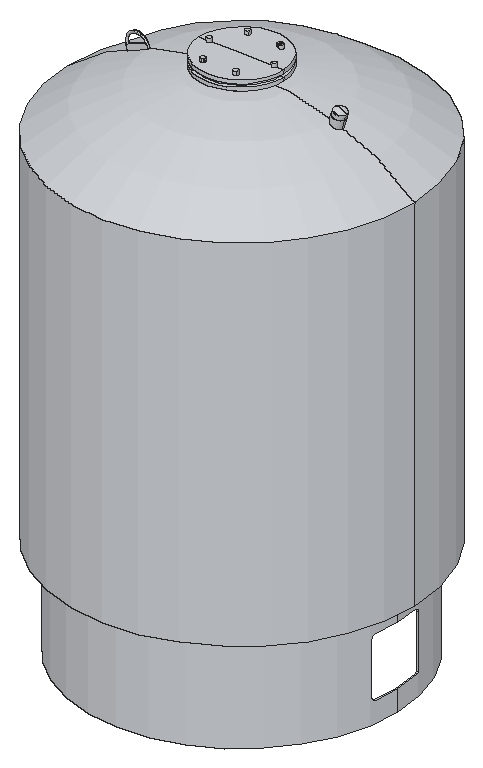
Revit family "FXA-3000S", category Mechanical Equipment, Revit 2014
Parameters (values of type "FXA-3000S")
  VoidLength = 7 1/2"
  URL = "http://westank.com/"
  TankVolume = "792 Gallons"
  SystemConnectionAngle = 50.00°
  PartNumber = "21013001"
  OuterRadius = 15"
  Model = "FXA-3000S"
  MaximumOperatingTemperature = "240°F"
  MaximumOperatingPressure = "125 PSIG"
  Manufacturer = "Wessels Company"
  InnerRadius = 14.766"
  InnerCircleDiameter = E - 3" / 4  # 53 1/4"
  HandleAngle = 120.00°
  G = 8 1/4"
  E = 54"
  F = 10"
  DrainAngle = 63.00°
  C = 4"
  BottomOfTheCylinder = 6.11811"
  B = 92.9979"
  ApproximateShipmentWeight = "2169 lbs"
  Angle = 35.00°
  A = 60"
Reference planes (in)
  plane 1 "Center (Front/Back)": y = 0
  plane 2: z = 0
  plane 3 "Center (Left/Right)": x = 0
  plane 4: x = -30
  plane 5: y = 1.9685
  plane 6: y = -1.9685
  plane 7: z = 92.9979
  plane 8: x = 30
  plane 9: y = 0.15626
  plane 10: y = -0.15626
  plane 11: x = 18
  plane 12: x = -27
  plane 13: x = 27
  plane 14: y = 0
  plane 15: y = 8.22887
  plane 16: y = -8.22887
  plane 17: through (0.00466, -180, 75.19677) normal (-0.9999, 0, -0.0139)
  plane 18: z = 77.96387
  plane 19: z = 129.36762
  plane 20: through (5.2036, -180, 8.83933) normal (-0.1726, 0, 0.985)
  plane 21: through (4.73728, -180, 11.50012) normal (-0.1726, 0, 0.985)
  plane 22: z = 78.46387
  plane 23: z = 77.46387
  plane 24: x = 10
  plane 25: x = 8
  plane 26: x = 12
  plane 27: z = 48.73058
  plane 28: z = 8.25
Forms (in)
  Revolve 1, solid
    sketch origin (0, 0, -5.12538) x (1, 0, 0) y (0, 0, 1)
      loop
        arc (0, 94.83772) -> (-15.93873, 92.85068) -> (-30, 85.08715) r 42.47522
        line (-30, 85.08715) -> (-30, 22.62372)
        arc (-30, 22.62372) -> (-15.24882, 18.62973) -> (0, 17.61844) r 77.23386
        line (0, 17.61844) -> (0, 94.83772)
      axis (0, 17.61844) -> (0, 94.83772)
    angle from 0 to 360
  Extrusion 2, solid
    sketch origin (0, 0, 0) x (1, 0, 0) y (0, 1, 0)
      loop
        circle (0, 0) r 27
      loop
        circle (0, 0) r 26.625
    from 19.49834 to 0
  Revolve 3, solid
    sketch origin (14.22965, 0, 75.45273) x (0.292372, 0, 0.956305) y (-0.956305, 0, 0.292372)
      loop
        line (12.0314, 1.37775) -> (12.0314, 0.28935) -> (13.5378, 0.28935) -> (13.5378, 0.32232) -> (14.34594, 0.32232)
        arc (14.34594, 0.32232) -> (14.69118, 0.79371) -> (14.70809, 1.37775) r 0.9835
        line (14.70809, 1.37775) -> (12.0314, 1.37775)
      axis (12.0314, 1.37775) -> (14.70809, 1.37775)
    angle from 0 to 360
  Sweep 4, solid
    path origin (-5.64469, 0, 74.39772) x (-0.34845, 0, 0.937327) y (-0.937327, 0, -0.34845)
      loop
        arc (16.79428, 8.71968) -> (18.54428, 6.96968) -> (16.79428, 5.21968) r 1.75
    profile origin (-18.63932, 0, 89.35119) x (-0.34845, 0, 0.937327) y (0, -1, 0)
      loop
        circle (0, 0) r 0.15625
  Extrusion 5, solid
    sketch origin (-3.94599, 0, 69.82825) x (-0.34845, 0, 0.937327) y (-0.937327, 0, -0.34845)
      loop
        line (21.66928, 8.87529) -> (20.69231, 8.87529) -> (20.69231, 5.06018) -> (21.66928, 5.06018) -> (21.66928, 8.87529)
    from 0.15626 to -0.15626
  Sweep 6, solid
    path origin (-12.625, 0, 54.83927) x (-1, 0, 0) y (0, 0, -1)
      loop
        arc (18.10198, 7.875) -> (19.85198, 6.125) -> (18.10198, 4.375) r 1.75
    profile origin (-32.47698, 0, 48.71427) x (-1, 0, 0) y (0, -1, 0)
      loop
        circle (0, 0) r 0.15625
  Extrusion 7, solid
    sketch origin (-7.75, 0, 54.83927) x (-1, 0, 0) y (0, 0, -1)
      loop
        line (22.97698, 8.03061) -> (22, 8.03061) -> (22, 4.2155) -> (22.97698, 4.2155) -> (22.97698, 8.03061)
    from 0.15626 to -0.15626
  Revolve 8, solid
    sketch origin (0.22045, 0, 73.50107) x (0, 0, 1) y (-1, 0, 0)
      loop
        line (19.03149, 0.22045) -> (15.29134, 0.22045) -> (15.29134, -4.1341)
        arc (15.29134, -4.1341) -> (16.27559, -3.90868) -> (17.25984, -4.1341) r 2.26145
        line (17.25984, -4.1341) -> (17.25984, -7.10972) -> (17.85039, -7.10972) -> (17.85039, -6.49344) -> (18.44094, -6.49344) -> (18.44094, -7.10972) -> (19.03149, -7.10972) -> (19.03149, 0.22045)
      axis (19.03149, 0.22045) -> (15.29134, 0.22045)
    angle from 0 to 360
  Extrusion 9, solid
    sketch origin (0, 0, 11.75) x (0, 1, 0) y (0, 0, 1)
      loop
        circle (0, 66.21387) r 0.5
    from -29.59938 to -31.48875
  Revolve 10, solid
    sketch origin (2.81354, 0, 22.27473) x (0.172627, 0, -0.984987) y (0.984987, 0, 0.172627)
      loop
        line (13.18144, 5.26166) -> (9.44128, 5.26166) -> (9.44128, 2.12786)
        arc (9.44128, 2.12786) -> (10.42553, 2.35329) -> (11.40978, 2.12786) r 2.26145
        line (11.40978, 2.12786) -> (11.40978, -0.47276) -> (12.00033, -0.47276) -> (12.00033, 0.14353) -> (12.59089, 0.14353) -> (12.59089, -0.47276) -> (13.18144, -0.47276) -> (13.18144, 5.26166)
      axis (9.44128, 5.26166) -> (13.18144, 5.26166)
    angle from 0 to 360
  Extrusion 11, solid
    sketch origin (9.76687, -2.56268, 10.23894) x (-0.984979, 0, -0.172675) y (-0.000004, 1, 0.000023)
      loop
        circle (-3.74768, 6.40672) r 0.3937
    from 0.59055 to -2.11745
  Extrusion 12, solid
    sketch origin (11.6639, -2.64003, 10.57118) x (-0.747584, -0.651106, -0.131069) y (-0.641335, 0.758987, -0.112375)
      loop
        circle (-3.74768, 6.40672) r 0.3937
    from 0.59055 to -2.11248
  Extrusion 13, solid
    sketch origin (13.15336, -1.44481, 10.83203) x (-0.149831, -0.988362, -0.026308) y (-0.973528, 0.152123, -0.170595)
      loop
        circle (-3.74768, 6.40672) r 0.3937
    from 0.59055 to -2.10562
  Extrusion 14, solid
    sketch origin (13.51803, 0.44684, 10.89537) x (0.520149, -0.849202, 0.091112) y (-0.836457, -0.528068, -0.146572)
      loop
        circle (-3.74768, 6.40672) r 0.3937
    from 0.59055 to -2.11832
  Extrusion 15, solid
    sketch origin (12.58095, 2.1231, 10.73114) x (0.939407, -0.300705, 0.16459) y (-0.296195, -0.953717, -0.051887)
      loop
        circle (-3.74768, 6.40672) r 0.3937
    from 0.59055 to -2.10775
  Extrusion 16, solid
    sketch origin (10.79468, 2.77597, 10.41801) x (0.905852, 0.392739, 0.158709) y (0.386839, -0.91965, 0.067821)
      loop
        circle (-3.74768, 6.40672) r 0.3937
    from 0.59055 to -2.10608
  Extrusion 17, solid
    sketch origin (9.02019, 2.09076, 10.10699) x (0.435656, 0.896873, 0.076304) y (0.883404, -0.442288, 0.154848)
      loop
        circle (-3.74768, 6.40672) r 0.3937
    from 0.59055 to -2.11652
  Extrusion 18, solid
    sketch origin (8.11183, 0.39774, 9.94923) x (-0.244533, 0.968691, -0.042905) y (0.954145, 0.248268, 0.167246)
      loop
        circle (-3.74768, 6.40672) r 0.3937
    from 0.59055 to -2.10776
  Extrusion 19, solid
    sketch origin (8.50909, -1.48699, 10.0187) x (-0.806847, 0.573576, -0.141456) y (0.564961, 0.819153, 0.099038)
      loop
        circle (-3.74768, 6.40672) r 0.3937
    from 0.59055 to -2.10712
  Extrusion 20, solid
    sketch origin (7.35796, 0, -9.14698) x (0, 1, 0) y (1, 0, 0)
      loop
        circle (0, 2.64204) r 2
    from -20.64698 to -17.39698
  Extrusion 21, void
    sketch origin (0, -0.25, 0) x (0, 1, 0) y (0, 0, 1)
      loop
        arc (-4.18426, 13.90648) -> (-4.64347, 13.6578) -> (-4.90626, 13.20651) r 0.9664
        line (-4.90626, 13.20651) -> (-4.90626, 4.47261)
        arc (-4.90626, 4.47261) -> (-4.66396, 3.83293) -> (-4.06716, 3.49864) r 1
        line (-4.06716, 3.49864) -> (5.2075, 3.49864)
        arc (5.2075, 3.49864) -> (5.36413, 3.56352) -> (5.42901, 3.72016) r 0.22151
        line (5.42901, 3.72016) -> (5.42901, 13.09929)
        arc (5.42901, 13.09929) -> (5.19259, 13.67006) -> (4.62183, 13.90648) r 0.80718
        line (4.62183, 13.90648) -> (-4.18426, 13.90648)
    from 28.68797 to 20.82767
  Extrusion 22, solid
    sketch origin (4.16405, -2.26258, 92.40726) x (0.104528, -0.994522, 0.000024) y (0.994522, 0.104528, -0.000007)
      loop
        circle (1.87424, -7.17371) r 0.3937
    from 0.59055 to -2.3622
  Extrusion 23, solid
    sketch origin (0.12176, -4.73773, 92.4073) x (-0.809016, -0.587786, 0.000015) y (0.587786, -0.809016, -0.000004)
      loop
        circle (1.87374, -7.17527) r 0.3937
    from 0.59055 to -2.3622
  Extrusion 24, solid
    sketch origin (-4.04016, -2.47798, 92.40953) x (-0.913546, 0.406735, 0.000072) y (-0.406735, -0.913546, -0.000022)
      loop
        circle (1.87285, -7.17801) r 0.3937
    from 0.59055 to -2.3622
  Extrusion 25, solid
    sketch origin (-4.21944, 2.1101, 92.41845) x (-0.10453, 0.99452, 0.001629) y (-0.994522, -0.10453, -0.000528)
      loop
        circle (1.8133, -7.36126) r 0.3937
    from 0.59055 to -2.3622
  Extrusion 26, solid
    sketch origin (-0.1199, 4.73834, 92.40738) x (0.809014, 0.587789, -0.000005) y (-0.587789, 0.809014, 0.000003)
      loop
        circle (1.8747, -7.17229) r 0.3937
    from 0.59055 to -2.3622
  Extrusion 27, solid
    sketch origin (4.05327, 2.4715, 92.40956) x (0.913548, -0.406731, -0.000028) y (0.406731, 0.913548, 0.00001)
      loop
        circle (1.87143, -7.18237) r 0.3937
    from 0.59055 to -2.3622
  Extrusion 28, solid
    sketch origin (4.16446, -2.26441, 92.40944) x (0.104535, -0.994521, 0.000005) y (0.994521, 0.104535, 0)
      loop
        circle (1.87377, -7.17517) r 0.3937
    from 0.59055 to -2.3622
  Extrusion 29, solid
    sketch origin (-0.77557, 1.66939, 92.40945) x (0.951054, 0.309024, 0.000001) y (-0.309024, 0.951054, 0.000001)
      loop
        circle (4.70178, 1.52834) r 0.3937
    from 0.59055 to -2.3622
Cuts and joins
  Extrusion 21 cuts Extrusion 2
Dimensions and locks (in)
  equal spacing: plane 5, plane 1 "Center (Front/Back)", plane 6
  "B": plane 7 to level
  equal spacing: plane 8, plane 3 "Center (Left/Right)", plane 4
  "A": plane 8 to plane 4
  plane 9 to plane 10 = 0.31252"
  equal spacing: plane 13, plane 3 "Center (Left/Right)", plane 12
  "E": plane 13 to plane 12
  locked: Revolve 3 sketch curve to Revolve 3 sketch curve at 0.03297
  equal spacing: plane 15, plane 14, plane 16
  locked: Revolve 8 sketch curve to Revolve 8 sketch curve at 0.59055  (x3)
  locked: Revolve 8 sketch curve to Revolve 8 sketch curve at 1.9685
  locked: Extrusion 9 sketch curve to plane 14 at 0
  locked: Extrusion 9 sketch curve to plane 18
  locked: Revolve 10 sketch curve to Revolve 10 sketch curve at 0.59055  (x3)
  locked: Revolve 10 sketch curve to Revolve 10 sketch curve at 1.9685
  locked: Extrusion 20 sketch curve to plane 1 "Center (Front/Back)" at 0
  plane 22 to plane 23 = 1"
  equal spacing: plane 22, plane 18, plane 23, locked at 0.5 each
  equal spacing: plane 25, plane 24, plane 26
  "F": plane 24 to plane 3 "Center (Left/Right)"
  "C": plane 25 to plane 26
  Revolve 1 to plane 18 = 1.9979"
  Revolve 1 to plane 27 to Revolve 1 = 31.23119", 31.23224"
  "G": plane 28 to cut or joined group of Extrusion 2, Extrusion 21
  "C": diameter of Extrusion 20 sketch curve
  "E": diameter of Extrusion 2 sketch curve
  "InnerCircleDiameter": diameter of Extrusion 2 sketch curve
  aligned and locked: level to plane 2
  aligned and locked: plane 4 to Revolve 1 sketch curve
  aligned and locked: Revolve 3 sketch curve to Revolve 3 sketch curve
  aligned and locked: Extrusion 5 sketch curve to Sweep 4
  aligned and locked: Extrusion 5 to plane 10
  aligned and locked: plane 9 to Extrusion 5
  aligned and locked: Extrusion 7 sketch curve to Sweep 6
  aligned and locked: Revolve 8 sketch curve to Revolve 8 sketch curve
  aligned and locked: Revolve 10 sketch curve to Revolve 10 sketch curve
  aligned and locked: Revolve 8 sketch curve to plane 3 "Center (Left/Right)"
  aligned and locked: Extrusion 22 to plane 7
  aligned and locked: Extrusion 23 to plane 7
  aligned and locked: Extrusion 26 to plane 7
  aligned and locked: cut or joined group of Extrusion 2, Extrusion 21 to level
  aligned and locked: Extrusion 20 to plane 28
Automatic sketch dimensions
  Sweep 6 sketch curve to plane 4 = 0.72698"
  Sweep 6 sketch curve to Sweep 6 sketch curve = 1 3/4"
  Sweep 6 sketch curve to profile plane = 0"
  profile plane to Sweep 6 sketch curve = 0"
  plane 4 to Extrusion 7 sketch curve = 1/4"
  Extrusion 7 sketch curve to Extrusion 7 sketch curve = 3.81511"
  plane 18 to Sweep 6 sketch curve = 29.2496"
  plane 18 to Extrusion 7 sketch curve = 27.3401"
  Revolve 8 sketch curve to plane 3 "Center (Left/Right)" = 0"
  Revolve 8 sketch curve to plane 7 = 4.2055"
  Revolve 8 sketch curve to Revolve 8 sketch curve = 0.98425"
  Revolve 8 sketch curve to Revolve 8 sketch curve = 2.03603"
  Revolve 8 sketch curve to Revolve 8 sketch curve = 0"
  plane 7 to Revolve 8 sketch curve = 0.53466"
  Sweep 4 sketch curve to plane 7 = 5.28703"
  plane 12 to Sweep 4 sketch curve = 8.97047"
  Sweep 4 sketch curve to Sweep 4 sketch curve = 1 3/4"
  Sweep 4 sketch curve to profile plane = 0"
  profile plane to Sweep 4 sketch curve = 0"
  Extrusion 5 sketch curve to Extrusion 5 sketch curve = 0.97698"
  Extrusion 5 sketch curve to plane 7 = 4.62167"
  Extrusion 5 sketch curve to Extrusion 5 sketch curve = 3.81511"
  Revolve 3 sketch curve to plane 7 = 5.63667"
  Revolve 3 sketch curve to Revolve 3 sketch curve = 1.5064"
  Revolve 3 sketch curve to Revolve 3 sketch curve = 0"
  Revolve 3 sketch curve to Revolve 3 sketch curve = 0.22312"
  Revolve 3 sketch curve to Revolve 3 sketch curve = 0.80814"
  Revolve 3 sketch curve to Revolve 3 sketch curve = 0.94717"
  Revolve 3 sketch curve to Revolve 3 sketch curve = 0.26484"
  Revolve 3 sketch curve to Revolve 3 sketch curve = 5.44847"
  Revolve 3 sketch curve to Revolve 3 sketch curve = 0.07201"
  Revolve 3 sketch curve to plane 11 = 1.57026"
  plane 3 "Center (Left/Right)" to Revolve 8 sketch curve = 4.35455"
  Revolve 8 sketch curve to Revolve 8 sketch curve = 0.32331"
  Revolve 8 sketch curve to Revolve 8 sketch curve = 0.61629"
  plane 21 to Revolve 10 sketch curve = 1.50366"
  plane 21 to Revolve 10 sketch curve = 0.51941"
  Revolve 10 sketch curve to Revolve 10 sketch curve = 0.5646"
  Revolve 10 sketch curve to Revolve 10 sketch curve = 0.61629"
  Revolve 10 sketch curve to Revolve 10 sketch curve = 2.03603"
  Revolve 10 sketch curve to Revolve 10 sketch curve = 3.1338"
  Revolve 10 sketch curve to Revolve 10 sketch curve = 19.38704"
  Revolve 10 sketch curve to Revolve 10 sketch curve = 0.1272"
  Revolve 10 sketch curve to Revolve 10 sketch curve = 0"
  plane 16 to Extrusion 21 sketch curve = 3.0726"
  Extrusion 21 sketch curve to Extrusion 21 sketch curve = 0.72201"
  Extrusion 21 sketch curve to Extrusion 21 sketch curve = 0.8391"
  Extrusion 21 sketch curve to Extrusion 21 sketch curve = 0.93546"
  Extrusion 21 sketch curve to Extrusion 21 sketch curve = 0.99992"
  plane 5 to Extrusion 21 sketch curve = 2.98899"
  plane 5 to Extrusion 21 sketch curve = 2.40332"
  Extrusion 21 sketch curve to Extrusion 21 sketch curve = 0.22151"
  level to Extrusion 21 sketch curve = 3.49864"
  Extrusion 21 sketch curve to Extrusion 21 sketch curve = 0.97397"
  Extrusion 21 sketch curve to Extrusion 21 sketch curve = 0.94253"
  plane 28 to Revolve 10 sketch curve = 0.95957"
  plane 28 to Extrusion 21 sketch curve = 4.84929"
  Extrusion 2 sketch curve to Extrusion 2 sketch curve = 0"  (x2)
  plane 1 "Center (Front/Back)" to Extrusion 2 sketch curve = 0"
  Extrusion 2 sketch curve to plane 3 "Center (Left/Right)" = 0"
  Extrusion 20 sketch curve to plane 24 = 0"
  Revolve 1 sketch curve to plane 3 "Center (Left/Right)" = 0"  (x2)
  Revolve 1 sketch curve to plane 27 = 1.40044"
  Revolve 1 sketch curve to plane 3 "Center (Left/Right)" = 2.80954"
  Revolve 1 sketch curve to plane 3 "Center (Left/Right)" = 2.5386"
  plane 28 to Revolve 1 sketch curve = 9.24834"
  level to Revolve 1 sketch curve = 12.49306"
  Revolve 1 sketch curve to plane 22 = 1.4979"
  Revolve 1 sketch curve to plane 27 = 2.16099"
  Revolve 1 sketch curve to Revolve 1 sketch curve = 1.06804"
  radius of Extrusion 11 sketch curve = 0.3937"
  radius of Extrusion 12 sketch curve = 0.3937"
  radius of Extrusion 13 sketch curve = 0.3937"
  radius of Extrusion 14 sketch curve = 0.3937"
  radius of Extrusion 15 sketch curve = 0.3937"
  radius of Extrusion 16 sketch curve = 0.3937"
  radius of Extrusion 17 sketch curve = 0.3937"
  radius of Extrusion 18 sketch curve = 0.3937"
  radius of Extrusion 19 sketch curve = 0.3937"
  radius of Sweep 6 sketch curve = 5/32"
  radius of Extrusion 9 sketch curve = 1/2"
  radius of Extrusion 22 sketch curve = 0.3937"
  radius of Extrusion 23 sketch curve = 0.3937"
  radius of Extrusion 24 sketch curve = 0.3937"
  radius of Extrusion 25 sketch curve = 0.3937"
  radius of Extrusion 26 sketch curve = 0.3937"
  radius of Extrusion 27 sketch curve = 0.3937"
  radius of Extrusion 28 sketch curve = 0.3937"
  radius of Sweep 4 sketch curve = 5/32"
  radius of Extrusion 29 sketch curve = 0.3937"
Connectors (in)
  piping at (10, 0, 8.25), diameter 4, driven by "C"
    settings: on Extrusion 20, index 1, connector inside diameter 24", connector length 0", flow factor 0, pipe flow 0 GPM, pressure drop 0.00 psi, fitting loss kfactor 0, connector angle 0.00°, fixture units 0, engagement length 0", angle of deflection 0.00°, flow configuration 0, flow direction 0, fitting loss method 0, system type 7, joint type 0, gender type 0, connector reference index -1, connector utility 0, adjustable connector no, is connector primary yes, connector description ""
